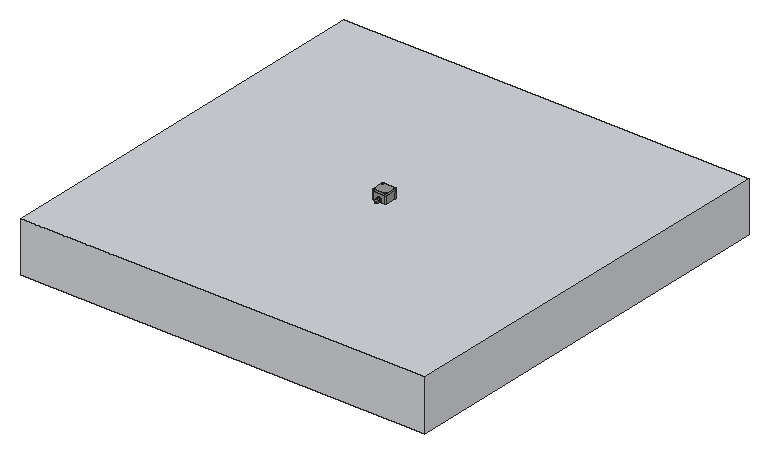
Revit family "Hekatron_Feststellanlagen_Ex-Anschlußdose_DE_22.01", category Brandmelder, Revit 2018
Family settings
  Basisbauteil = Fläche
  Beschriftungsausrichtung beibehalten = Ja
  Bemaßung runder Anschluss = Durchmesser verwenden
  Teiletyp = Normal
  OmniClass-Nummer = 23.85.30.21
  OmniClass-Titel = Environmental Detection/Registration
  Beim Laden mit Abzugskörper schneiden = Nein
  Gemeinsam genutzt = Nein
  Raumberechnungspunkt = Nein
Parameters (values of type "Ex-Junction Box")
  Zulässige Umgebungstemperatur = ""
  Zulässige Luftgeschwindigkeit = ""
  Zulassungen nach EN 54 = ""
  Width [instance] = 75 mm
  Version des BIM Objektes = "22.01"
  VdS-Anerkennung = ""
  URL = "https://www.hekatron-brandschutz.de"
  UB A&S Artikel Nummer = "6900360"
  Typenkommentare = "Ex-Anschlussdose für Ex-Magnete Zone 1 und 2"
  Tiefe (mm) = "75.0"
  Stromaufnahme = ""
  Schutzart = "IP 66/67"
  Rauchteil einstellbar = ""
  Nettogewicht (g) = ""
  Montageart = "Aufputz"
  Modell = "Ex-Anschlußdose"
  Material = "Polyester"
  Link zum Datenblatt = ""
  Link zu ausschreiben.de = "http://www.ausschreiben.de/katalog/Hekatron/position/115"
  Link zu Produktinformation = ""
  Link zu Ausschreibungstext = ""
  Leistungserklärung (DoP) = ""
  Lautstärke DIN-Ton (dB) = ""
  Kabeleinführung = "oben, unten"
  Höhe (mm) = "80.0"
  Hersteller = "Hekatron"
  Heigth [instance] = 80 mm
  Funktionsprinzip = ""
  Farbe = "schwarz RAL 9005"
  Ex-Zonen = "1, 2, 21, 22"
  Einstellung Temperaturklasse nach EN 54-5 = ""
  Einstellung Temperaturindex nach EN 54-5 = ""
  Einstellung Rauchempfindlichkeit nach EN 54-20 = ""
  Einstellen Rauchempfindlichkeit nach EN 54-7 = ""
  EG-Konformitätszertifikat / Zertifikat der Leistungsbeständigkeit = ""
  Durchmesser (mm) = ""
  Depth [instance] = 55 mm
  Vorgabe-Ansicht = 1200 mm
  Breite (mm) = "55.0"
  Betriebsspannung = ""
  Beschreibung = "Anschlussdose mit dreipoliger Klemmleiste zur Installation in den Ex-Zonen 1,2 und 22 sowie im sicheren Bereich. Gemäß ATEX."
  Bauartgenehmigungen = ""
  Anzahl Ansaugleitungen = ""
  Ansprechtemperatur = ""
  Alarm- & Empfindlichkeitsbereich = ""
Reference planes
  plane 1 "Center (Front/Back)": y = 0
  plane 2: z = 0
  plane 3 "Center (Left/Right)": x = 0
Forms (mm)
  Extrusion 1, solid
    sketch origin (0, 0, 0) x (1, 0, 0) y (0, 1, 0)
      loop
        line (-1219.2, 1219.2) -> (-1219.2, -1219.2) -> (1219.2, -1219.2) -> (1219.2, 1219.2) -> (-1219.2, 1219.2)
    from 0 to -304.8
  Extrusion 2, solid, material "Polyester, RAL 9005"
    sketch origin (0, 0, 0) x (1, 0, 0) y (0, 1, 0)
      loop
        line (35, 37.5) -> (-35, 37.5)
        arc (-35, 37.5) -> (-38.536, 36.036) -> (-40, 32.5) r 5
        line (-40, 32.5) -> (-40, -32.5)
        arc (-40, -32.5) -> (-38.536, -36.036) -> (-35, -37.5) r 5
        line (-35, -37.5) -> (35, -37.5)
        arc (35, -37.5) -> (38.536, -36.036) -> (40, -32.5) r 5
        line (40, -32.5) -> (40, 32.5)
        arc (40, 32.5) -> (38.536, 36.036) -> (35, 37.5) r 5
      loop
        circle (-35, 32.5) r 3
      loop
        circle (35, 32.5) r 3
      loop
        circle (-35, -32.5) r 3
      loop
        circle (35, -32.5) r 3
    from 45 to 55
  Extrusion 3, solid, material "Polyester, RAL 9005"
    sketch origin (0, 0, 0) x (1, 0, 0) y (0, 1, 0)
      loop
        arc (-40, -32.5) -> (-38.536, -36.036) -> (-35, -37.5) r 5
        line (-35, -37.5) -> (35, -37.5)
        arc (35, -37.5) -> (38.536, -36.036) -> (40, -32.5) r 5
        line (40, -32.5) -> (40, 32.5)
        arc (40, 32.5) -> (38.536, 36.036) -> (35, 37.5) r 5
        line (35, 37.5) -> (-35, 37.5)
        arc (-35, 37.5) -> (-38.536, 36.036) -> (-40, 32.5) r 5
        line (-40, 32.5) -> (-40, -32.5)
    from 0 to 45
  Extrusion 4, solid, material "Polyester, RAL 9005"
    sketch origin (0, 27.5, 0) x (1, 0, 0) y (0, 0, -1)
      loop
        circle (0, -12.5) r 12
    from -67.579 to -65
  Extrusion 5, solid, material "Polyester, RAL 9005"
    sketch origin (0, 27.5, 0) x (1, 0, 0) y (0, 0, -1)
      loop
        circle (0, -12.303) r 8
    from -69.541 to -67.579
  Extrusion 6, solid, material "Polyester, RAL 9005"
    sketch origin (347.8, 12.541, -3) x (1, 0, 0) y (0, 0, 1)
      loop
        circle (-347.8, 15.5) r 3.5
      loop
        circle (-347.8, 15.5) r 8
    from -38.5 to -34.5
  Extrusion 7, solid, material "Polyester, RAL 9005"
    sketch origin (347.8, 12.541, -3) x (1, 0, 0) y (0, 0, 1)
      loop
        line (-353.227, 24.9) -> (-358.654, 15.5) -> (-353.227, 6.1) -> (-342.373, 6.1) -> (-336.946, 15.5) -> (-342.373, 24.9) -> (-353.227, 24.9)
      loop
        circle (-347.8, 15.5) r 3.5
    from -34.5 to -29.5
  Extrusion 8, solid, material "Polyester, RAL 9005"
    sketch origin (347.8, 12.541, -3) x (1, 0, 0) y (0, 0, 1)
      loop
        line (-353.227, 24.9) -> (-358.654, 15.5) -> (-353.227, 6.1) -> (-342.373, 6.1) -> (-336.946, 15.5) -> (-342.373, 24.9) -> (-353.227, 24.9)
      loop
        circle (-347.8, 15.5) r 3.5
    from -48 to -38.5
  Revolve 9, solid, material "Polyester, RAL 9005"
    sketch origin (347.8, 4.541, 12.5) x (0, -1, 0) y (1, 0, 0)
      loop
        arc (-61, -353.8) -> (-59.023, -356.269) -> (-56, -357.2) r 5.376
        line (-56, -357.2) -> (-56, -351.3) -> (-61, -351.3) -> (-61, -353.8)
      axis (-56, -347.8) -> (-61, -347.8)
    angle from 0 to 360
  Extrusion 10, solid, material "Polyester, RAL 9005"
    sketch origin (0, -27.5, 0) x (1, 0, 0) y (0, 0, 1)
      loop
        circle (0, 12.5) r 12
    from -67.579 to -65
  Extrusion 11, solid, material "Polyester, RAL 9005"
    sketch origin (347.8, -12.541, -3) x (1, 0, 0) y (0, 0, -1)
      loop
        circle (-347.8, -15.5) r 3.5
      loop
        circle (-347.8, -15.5) r 8
    from -38.5 to -34.5
  Extrusion 12, solid, material "Polyester, RAL 9005"
    sketch origin (347.8, -12.541, -3) x (1, 0, 0) y (0, 0, -1)
      loop
        line (-353.227, -24.9) -> (-342.373, -24.9) -> (-336.946, -15.5) -> (-342.373, -6.1) -> (-353.227, -6.1) -> (-358.654, -15.5) -> (-353.227, -24.9)
      loop
        circle (-347.8, -15.5) r 3.5
    from -34.5 to -29.5
  Extrusion 13, solid, material "Polyester, RAL 9005"
    sketch origin (347.8, -12.541, -3) x (1, 0, 0) y (0, 0, -1)
      loop
        line (-353.227, -24.9) -> (-342.373, -24.9) -> (-336.946, -15.5) -> (-342.373, -6.1) -> (-353.227, -6.1) -> (-358.654, -15.5) -> (-353.227, -24.9)
      loop
        circle (-347.8, -15.5) r 3.5
    from -48 to -38.5
  Revolve 14, solid, material "Polyester, RAL 9005"
    sketch origin (347.8, -4.541, 12.5) x (0, 1, 0) y (-1, 0, 0)
      loop
        line (-61, 353.8) -> (-61, 351.3) -> (-56, 351.3) -> (-56, 357.2)
        arc (-56, 357.2) -> (-59.023, 356.269) -> (-61, 353.8) r 5.376
      axis (-56, 347.8) -> (-61, 347.8)
    angle from 0 to 360
  Extrusion 15, solid, material "Polyester, RAL 9005"
    sketch origin (0, -27.5, 0) x (1, 0, 0) y (0, 0, 1)
      loop
        circle (0, 12.303) r 8
    from -69.541 to -67.579
  Revolve 16, solid, material "Stainless Steel, Polished"
    sketch origin (-35, 0, 0) x (0, 1, 0) y (0, 0, 1)
      loop
        line (32.5, 55) -> (32.5, 53) -> (35, 53) -> (35, 54)
        arc (35, 54) -> (34.707, 54.707) -> (34, 55) r 1
        line (34, 55) -> (32.5, 55)
      axis (32.5, 53) -> (32.5, 55)
    angle from 0 to 360
  Revolve 17, solid, material "Stainless Steel, Polished"
    sketch origin (35, 0, 0) x (0, 1, 0) y (0, 0, -1)
      loop
        line (32.5, -55) -> (34, -55)
        arc (34, -55) -> (34.707, -54.707) -> (35, -54) r 1
        line (35, -54) -> (35, -53) -> (32.5, -53) -> (32.5, -55)
      axis (32.5, -53) -> (32.5, -55)
    angle from 0 to 360
  Revolve 18, solid, material "Stainless Steel, Polished"
    sketch origin (35, 0, 0) x (0, -1, 0) y (0, 0, 1)
      loop
        line (32.5, 55) -> (32.5, 53) -> (35, 53) -> (35, 54)
        arc (35, 54) -> (34.707, 54.707) -> (34, 55) r 1
        line (34, 55) -> (32.5, 55)
      axis (32.5, 53) -> (32.5, 55)
    angle from 0 to 360
  Revolve 19, solid, material "Stainless Steel, Polished"
    sketch origin (-35, 0, 0) x (0, -1, 0) y (0, 0, -1)
      loop
        line (32.5, -55) -> (34, -55)
        arc (34, -55) -> (34.707, -54.707) -> (35, -54) r 1
        line (35, -54) -> (35, -53) -> (32.5, -53) -> (32.5, -55)
      axis (32.5, -53) -> (32.5, -55)
    angle from 0 to 360
Cuts and joins
  joined: Extrusion 2, Extrusion 4, Extrusion 5
  joined: Extrusion 11, Extrusion 12, Extrusion 13, Revolve 14
  joined: Extrusion 6, Extrusion 7, Extrusion 8, Revolve 9
  joined: Extrusion 3, Extrusion 10, Extrusion 15
Dimensions and locks
  "Width": cut or joined group of Extrusion 2, Extrusion 4, Extrusion 5 to cut or joined group of Extrusion 2, Extrusion 4, Extrusion 5
  "Heigth": cut or joined group of Extrusion 2, Extrusion 4, Extrusion 5 to cut or joined group of Extrusion 2, Extrusion 4, Extrusion 5
  "Depth": cut or joined group of Extrusion 2, Extrusion 4, Extrusion 5 to Extrusion 1
  aligned and locked: plane 2 to Extrusion 1
  aligned and locked: level to Extrusion 1
Automatic sketch dimensions
  Extrusion 1 sketch curve to Extrusion 1 sketch curve = 2438.4 mm  (x2)
  Extrusion 2 sketch curve to Extrusion 2 sketch curve = 0 mm  (x8)
  Extrusion 2 sketch curve to plane 3 "Center (Left/Right)" = 40 mm
  Extrusion 2 sketch curve to Extrusion 2 sketch curve = 5 mm  (x3)
  plane 3 "Center (Left/Right)" to Extrusion 2 sketch curve = 35 mm  (x2)
  plane 1 "Center (Front/Back)" to Extrusion 2 sketch curve = 37.5 mm
  Extrusion 2 sketch curve to plane 1 "Center (Front/Back)" = 32.5 mm
  Extrusion 3 sketch curve to plane 3 "Center (Left/Right)" = 40 mm
  Extrusion 3 sketch curve to Extrusion 3 sketch curve = 5 mm  (x3)
  plane 3 "Center (Left/Right)" to Extrusion 3 sketch curve = 35 mm  (x2)
  plane 1 "Center (Front/Back)" to Extrusion 3 sketch curve = 37.5 mm
  Extrusion 3 sketch curve to plane 1 "Center (Front/Back)" = 32.5 mm
  Extrusion 4 sketch curve to plane 3 "Center (Left/Right)" = 0 mm
  level to Extrusion 4 sketch curve = 12.5 mm
  Extrusion 5 sketch curve to plane 3 "Center (Left/Right)" = 0 mm
  level to Extrusion 5 sketch curve = 12.303 mm
  Extrusion 6 sketch curve to Extrusion 6 sketch curve = 0 mm  (x2)
  Extrusion 6 sketch curve to plane 3 "Center (Left/Right)" = 0 mm
  level to Extrusion 6 sketch curve = 12.5 mm
  Extrusion 7 sketch curve to Extrusion 7 sketch curve = 0 mm  (x3)
  Extrusion 7 sketch curve to plane 3 "Center (Left/Right)" = 0 mm
  Extrusion 7 sketch curve to plane 3 "Center (Left/Right)" = 5.427 mm  (x2)
  Extrusion 7 sketch curve to plane 3 "Center (Left/Right)" = 10.854 mm
  plane 3 "Center (Left/Right)" to Extrusion 7 sketch curve = 5.427 mm  (x2)
  Extrusion 7 sketch curve to Extrusion 7 sketch curve = 10.854 mm
  level to Extrusion 7 sketch curve = 3.1 mm
  Extrusion 7 sketch curve to Extrusion 7 sketch curve = 9.4 mm  (x3)
  Extrusion 7 sketch curve to plane 3 "Center (Left/Right)" = 3.5 mm
  Extrusion 8 sketch curve to Extrusion 8 sketch curve = 0 mm  (x3)
  Extrusion 8 sketch curve to plane 3 "Center (Left/Right)" = 0 mm
  Extrusion 8 sketch curve to plane 3 "Center (Left/Right)" = 5.427 mm  (x2)
  Extrusion 8 sketch curve to plane 3 "Center (Left/Right)" = 10.854 mm
  plane 3 "Center (Left/Right)" to Extrusion 8 sketch curve = 5.427 mm  (x2)
  Extrusion 8 sketch curve to Extrusion 8 sketch curve = 10.854 mm
  level to Extrusion 8 sketch curve = 3.1 mm
  Extrusion 8 sketch curve to Extrusion 8 sketch curve = 9.4 mm  (x3)
  Extrusion 8 sketch curve to plane 3 "Center (Left/Right)" = 3.5 mm
  Revolve 9 sketch curve to plane 3 "Center (Left/Right)" = 0 mm
  Revolve 9 sketch curve to plane 3 "Center (Left/Right)" = 3.5 mm
  Revolve 9 sketch curve to plane 1 "Center (Front/Back)" = 65.541 mm
  Revolve 9 sketch curve to Revolve 9 sketch curve = 5 mm
  Revolve 9 sketch curve to Revolve 9 sketch curve = 0.524 mm
  Revolve 9 sketch curve to Revolve 9 sketch curve = 2.5 mm
  Revolve 9 sketch curve to Revolve 9 sketch curve = 1.008 mm
  Revolve 9 sketch curve to Revolve 9 sketch curve = 0 mm
  Extrusion 10 sketch curve to plane 3 "Center (Left/Right)" = 0 mm
  level to Extrusion 10 sketch curve = 12.5 mm
  Extrusion 11 sketch curve to Extrusion 11 sketch curve = 0 mm  (x2)
  Extrusion 11 sketch curve to plane 3 "Center (Left/Right)" = 0 mm
  level to Extrusion 11 sketch curve = 12.5 mm
  Extrusion 12 sketch curve to Extrusion 12 sketch curve = 0 mm  (x3)
  Extrusion 12 sketch curve to plane 3 "Center (Left/Right)" = 0 mm
  Extrusion 12 sketch curve to plane 3 "Center (Left/Right)" = 5.427 mm  (x2)
  Extrusion 12 sketch curve to plane 3 "Center (Left/Right)" = 10.854 mm
  plane 3 "Center (Left/Right)" to Extrusion 12 sketch curve = 5.427 mm  (x2)
  Extrusion 12 sketch curve to Extrusion 12 sketch curve = 10.854 mm
  level to Extrusion 12 sketch curve = 21.9 mm
  Extrusion 12 sketch curve to Extrusion 12 sketch curve = 9.4 mm  (x2)
  level to Extrusion 12 sketch curve = 3.1 mm
  Extrusion 12 sketch curve to plane 3 "Center (Left/Right)" = 3.5 mm
  Extrusion 13 sketch curve to Extrusion 13 sketch curve = 0 mm  (x3)
  Extrusion 13 sketch curve to plane 3 "Center (Left/Right)" = 0 mm
  Extrusion 13 sketch curve to plane 3 "Center (Left/Right)" = 5.427 mm  (x2)
  Extrusion 13 sketch curve to plane 3 "Center (Left/Right)" = 10.854 mm
  plane 3 "Center (Left/Right)" to Extrusion 13 sketch curve = 5.427 mm  (x2)
  Extrusion 13 sketch curve to Extrusion 13 sketch curve = 10.854 mm
  level to Extrusion 13 sketch curve = 21.9 mm
  Extrusion 13 sketch curve to Extrusion 13 sketch curve = 9.4 mm  (x2)
  level to Extrusion 13 sketch curve = 3.1 mm
  Extrusion 13 sketch curve to plane 3 "Center (Left/Right)" = 3.5 mm
  Revolve 14 sketch curve to plane 3 "Center (Left/Right)" = 0 mm
  Revolve 14 sketch curve to plane 3 "Center (Left/Right)" = 3.5 mm
  plane 1 "Center (Front/Back)" to Revolve 14 sketch curve = 65.541 mm
  Revolve 14 sketch curve to Revolve 14 sketch curve = 5 mm
  Revolve 14 sketch curve to Revolve 14 sketch curve = 0.524 mm
  Revolve 14 sketch curve to Revolve 14 sketch curve = 2.5 mm
  Revolve 14 sketch curve to Revolve 14 sketch curve = 1.008 mm
  Revolve 14 sketch curve to Revolve 14 sketch curve = 0 mm
  Extrusion 15 sketch curve to plane 3 "Center (Left/Right)" = 0 mm
  level to Extrusion 15 sketch curve = 12.303 mm
  Revolve 16 sketch curve to plane 1 "Center (Front/Back)" = 32.5 mm
  Revolve 16 sketch curve to Revolve 16 sketch curve = 1.5 mm
  Revolve 16 sketch curve to Revolve 16 sketch curve = 1 mm  (x2)
  level to Revolve 16 sketch curve = 53 mm
  Revolve 16 sketch curve to Revolve 16 sketch curve = 0 mm  (x2)
  Revolve 16 sketch curve to Revolve 16 sketch curve = 2.169 mm
  Revolve 17 sketch curve to plane 1 "Center (Front/Back)" = 32.5 mm
  Revolve 17 sketch curve to Revolve 17 sketch curve = 1.5 mm
  Revolve 17 sketch curve to Revolve 17 sketch curve = 1 mm  (x2)
  level to Revolve 17 sketch curve = 55 mm
  Revolve 17 sketch curve to Revolve 17 sketch curve = 0 mm  (x2)
  Revolve 17 sketch curve to Revolve 17 sketch curve = 2.169 mm
  plane 1 "Center (Front/Back)" to Revolve 18 sketch curve = 32.5 mm
  Revolve 18 sketch curve to Revolve 18 sketch curve = 1.5 mm
  Revolve 18 sketch curve to Revolve 18 sketch curve = 1 mm  (x2)
  level to Revolve 18 sketch curve = 53 mm
  Revolve 18 sketch curve to Revolve 18 sketch curve = 0 mm  (x2)
  Revolve 18 sketch curve to Revolve 18 sketch curve = 2.169 mm
  plane 1 "Center (Front/Back)" to Revolve 19 sketch curve = 32.5 mm
  Revolve 19 sketch curve to Revolve 19 sketch curve = 1.5 mm
  Revolve 19 sketch curve to Revolve 19 sketch curve = 1 mm  (x2)
  level to Revolve 19 sketch curve = 55 mm
  Revolve 19 sketch curve to Revolve 19 sketch curve = 0 mm  (x2)
  Revolve 19 sketch curve to Revolve 19 sketch curve = 2.169 mm
  radius of Extrusion 2 sketch curve = 3 mm  (x4)
  radius of Extrusion 4 sketch curve = 12 mm
  radius of Extrusion 5 sketch curve = 8 mm
  radius of Extrusion 6 sketch curve = 3.5 mm
  radius of Extrusion 6 sketch curve = 8 mm
  radius of Extrusion 10 sketch curve = 12 mm
  radius of Extrusion 11 sketch curve = 3.5 mm
  radius of Extrusion 11 sketch curve = 8 mm
  radius of Extrusion 15 sketch curve = 8 mm
Connectors
  electrical at (0, 0, 0)
    settings: index 1, voltage 0 V, apparent load 0 VA, apparent load phase1 0 VA, apparent load phase2 0 VA, apparent load phase3 0 VA, power factor 1, load classification "Other", number of poles 1, system type 11, power factor state 1, is connector primary yes, connector utility no, sub classification motor no, connector description ""
